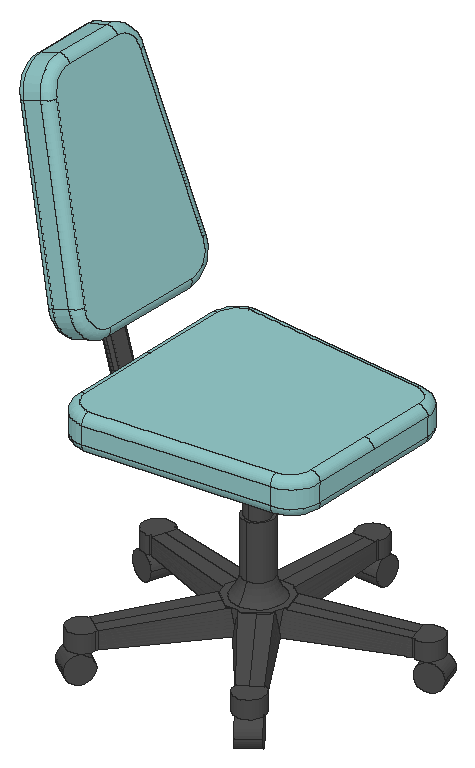
Revit family
Parameters (values of type "Chair - Desk (5)")
  Material Frame = Metal - Chrome
  Material Seat = Fabric - Green
  Manufacturer = "Revit"
  Keynote = "N"
  Assembly Code = "E2020200"
Reference planes
  plane 1 "Center (Front/Back)": y = 0
  plane 2: z = 0
  plane 3 "Center (Left/Right)": x = 0
  plane 4: z = 440
  plane 5: z = 340
  plane 6: z = 900
  plane 7: z = 90.965
  plane 8: z = 215.482
  plane 9: y = 45
  plane 10: y = 229.751
  plane 11: y = 233.825
  plane 12: through (-42.798, 13.906, 0) normal (0.9511, -0.309, 0)
  plane 13: through (-218.507, 70.997, 0) normal (0.9511, -0.309, 0)
  plane 14: through (-222.38, 72.256, -9.035) normal (0.9511, -0.309, 0)
  plane 15: through (-26.45, -36.406, 0) normal (0.5878, 0.809, 0)
  plane 16: through (-135.044, -185.873, 0) normal (0.5878, 0.809, 0)
  plane 17: through (-137.439, -189.168, -9.035) normal (0.5878, 0.809, 0)
  plane 18: through (26.45, -36.406, 0) normal (-0.5878, 0.809, 0)
  plane 19: through (135.044, -185.873, 0) normal (-0.5878, 0.809, 0)
  plane 20: through (137.439, -189.168, -9.035) normal (-0.5878, 0.809, 0)
  plane 21: through (42.798, 13.906, 0) normal (-0.9511, -0.309, 0)
  plane 22: through (218.507, 70.997, 0) normal (-0.9511, -0.309, 0)
  plane 23: through (222.38, 72.256, -9.035) normal (-0.9511, -0.309, 0)
  plane 24: x = -206.705
  plane 25 "t": through (-100.914, 0, -28.937) normal (0.9613, 0, 0.2756)
  plane 26: through (-266.368, 0, 928.937) normal (0.2756, 0, -0.9613)
  plane 27: through (-134.465, 0, 468.937) normal (0.2756, 0, -0.9613)
Forms (mm)
  Extrusion 1, solid, material "Metal - Chrome" <- "Material Frame"
    sketch origin (0, -234.191, 0) x (0, 1, 0) y (0, 0, 1)
      loop
        circle (488.942, 23) r 23
    from -19.791 to 19.791
  Blend 2, solid, material "Metal - Chrome" <- "Material Frame"
    base sketch origin (0, 100, -9.035) x (1, 0, 0) y (0, 0, -1)
      loop
        line (-32.382, -59.019) -> (-25.156, -100) -> (0, -100) -> (25.156, -100) -> (32.382, -59.019) -> (0, -59.019) -> (-32.382, -59.019)
    top sketch origin (0, 100, -9.035) x (1, 0, 0) y (0, 0, -1)
      loop
        line (-19.791, -59.019) -> (-19.791, -88.563) -> (0, -88.563) -> (19.791, -88.563) -> (19.791, -59.019) -> (0, -59.019) -> (-19.791, -59.019)
    from -65 to 129.751
  Extrusion 3, solid, material "Metal - Chrome" <- "Material Frame"
    sketch origin (0, 0, 330.965) x (0, -1, 0) y (-1, 0, 0)
      loop
        line (-50, 19.35) -> (-50, -19.35)
        arc (-50, -19.35) -> (-41.259, -29.976) -> (-33.854, -41.573) r 114.698
        line (-33.854, -41.573) -> (2.952, -53.532)
        arc (2.952, -53.532) -> (15.76, -48.503) -> (29.077, -45.044) r 114.698
        line (29.077, -45.044) -> (51.824, -13.735)
        arc (51.824, -13.735) -> (50.999, 0) -> (51.824, 13.735) r 114.698
        line (51.824, 13.735) -> (29.077, 45.044)
        arc (29.077, 45.044) -> (15.76, 48.503) -> (2.952, 53.532) r 114.698
        line (2.952, 53.532) -> (-33.854, 41.573)
        arc (-33.854, 41.573) -> (-41.259, 29.976) -> (-50, 19.35) r 114.698
    from 240 to 280.981
  Extrusion 4, solid, material "Metal - Chrome" <- "Material Frame"
    sketch origin (0, -235.927, 330.965) x (0, -1, 0) y (-1, 0, 0)
      loop
        arc (-469.751, 21.788) -> (-507.01, 0) -> (-469.751, -21.788) r 25
        line (-469.751, -21.788) -> (-469.751, -19.791) -> (-465.678, -19.791) -> (-465.678, 19.791) -> (-469.751, 19.791) -> (-469.751, 21.788)
    from 251.437 to 280.981
  Revolve 5, solid, material "Metal - Chrome" <- "Material Frame"
    sketch origin (0, 0, 0) x (0, 1, 0) y (0, 0, 1)
      loop
        line (0, 215.482) -> (-25, 215.482) -> (-25, 123.395)
        arc (-25, 123.395) -> (-30.374, 105.761) -> (-41.37, 90.965) r 53.967
        line (-41.37, 90.965) -> (0, 90.965) -> (0, 215.482)
      axis (0, 215.482) -> (0, 90.965)
    angle from 0 to 360
  Extrusion 6, solid, material "Metal - Chrome" <- "Material Frame"
    sketch origin (222.729, -72.369, 0) x (-0.951057, 0.309017, 0) y (0, 0, 1)
      loop
        circle (488.942, 23) r 23
    from -19.791 to 19.791
  Blend 7, solid, material "Metal - Chrome" <- "Material Frame"
    base sketch origin (-95.106, 30.902, -9.035) x (0.309017, 0.951057, 0) y (0, 0, -1)
      loop
        line (-32.382, -59.019) -> (-25.156, -100) -> (0, -100) -> (25.156, -100) -> (32.382, -59.019) -> (0, -59.019) -> (-32.382, -59.019)
    top sketch origin (-95.106, 30.902, -9.035) x (0.309017, 0.951057, 0) y (0, 0, -1)
      loop
        line (-19.791, -59.019) -> (-19.791, -88.563) -> (0, -88.563) -> (19.791, -88.563) -> (19.791, -59.019) -> (0, -59.019) -> (-19.791, -59.019)
    from -65 to 129.751
  Extrusion 8, solid, material "Metal - Chrome" <- "Material Frame"
    sketch origin (224.38, -72.905, 330.965) x (0.951057, -0.309017, 0) y (-0.309017, -0.951057, 0)
      loop
        arc (-469.751, 21.788) -> (-507.01, 0) -> (-469.751, -21.788) r 25
        line (-469.751, -21.788) -> (-469.751, -19.791) -> (-465.678, -19.791) -> (-465.678, 19.791) -> (-469.751, 19.791) -> (-469.751, 21.788)
    from 251.437 to 280.981
  Extrusion 9, solid, material "Metal - Chrome" <- "Material Frame"
    sketch origin (137.654, 189.465, 0) x (-0.587785, -0.809017, 0) y (0, 0, 1)
      loop
        circle (488.942, 23) r 23
    from -19.791 to 19.791
  Blend 10, solid, material "Metal - Chrome" <- "Material Frame"
    base sketch origin (-58.779, -80.902, -9.035) x (-0.809017, 0.587785, 0) y (0, 0, -1)
      loop
        line (-32.382, -59.019) -> (-25.156, -100) -> (0, -100) -> (25.156, -100) -> (32.382, -59.019) -> (0, -59.019) -> (-32.382, -59.019)
    top sketch origin (-58.779, -80.902, -9.035) x (-0.809017, 0.587785, 0) y (0, 0, -1)
      loop
        line (-19.791, -59.019) -> (-19.791, -88.563) -> (0, -88.563) -> (19.791, -88.563) -> (19.791, -59.019) -> (0, -59.019) -> (-19.791, -59.019)
    from -65 to 129.751
  Extrusion 11, solid, material "Metal - Chrome" <- "Material Frame"
    sketch origin (138.674, 190.869, 330.965) x (0.587785, 0.809017, 0) y (0.809017, -0.587785, 0)
      loop
        arc (-469.751, 21.788) -> (-507.01, 0) -> (-469.751, -21.788) r 25
        line (-469.751, -21.788) -> (-469.751, -19.791) -> (-465.678, -19.791) -> (-465.678, 19.791) -> (-469.751, 19.791) -> (-469.751, 21.788)
    from 251.437 to 280.981
  Extrusion 12, solid, material "Metal - Chrome" <- "Material Frame"
    sketch origin (-137.654, 189.465, 0) x (0.587785, -0.809017, 0) y (0, 0, 1)
      loop
        circle (488.942, 23) r 23
    from -19.791 to 19.791
  Blend 13, solid, material "Metal - Chrome" <- "Material Frame"
    base sketch origin (58.779, -80.902, -9.035) x (-0.809017, -0.587785, 0) y (0, 0, -1)
      loop
        line (-32.382, -59.019) -> (-25.156, -100) -> (0, -100) -> (25.156, -100) -> (32.382, -59.019) -> (0, -59.019) -> (-32.382, -59.019)
    top sketch origin (58.779, -80.902, -9.035) x (-0.809017, -0.587785, 0) y (0, 0, -1)
      loop
        line (-19.791, -59.019) -> (-19.791, -88.563) -> (0, -88.563) -> (19.791, -88.563) -> (19.791, -59.019) -> (0, -59.019) -> (-19.791, -59.019)
    from -65 to 129.751
  Extrusion 14, solid, material "Metal - Chrome" <- "Material Frame"
    sketch origin (-138.674, 190.869, 330.965) x (-0.587785, 0.809017, 0) y (0.809017, 0.587785, 0)
      loop
        arc (-469.751, 21.788) -> (-507.01, 0) -> (-469.751, -21.788) r 25
        line (-469.751, -21.788) -> (-469.751, -19.791) -> (-465.678, -19.791) -> (-465.678, 19.791) -> (-469.751, 19.791) -> (-469.751, 21.788)
    from 251.437 to 280.981
  Extrusion 15, solid, material "Metal - Chrome" <- "Material Frame"
    sketch origin (-222.729, -72.369, 0) x (0.951057, 0.309017, 0) y (0, 0, 1)
      loop
        circle (488.942, 23) r 23
    from -19.791 to 19.791
  Blend 16, solid, material "Metal - Chrome" <- "Material Frame"
    base sketch origin (95.106, 30.902, -9.035) x (0.309017, -0.951057, 0) y (0, 0, -1)
      loop
        line (-32.382, -59.019) -> (-25.156, -100) -> (0, -100) -> (25.156, -100) -> (32.382, -59.019) -> (0, -59.019) -> (-32.382, -59.019)
    top sketch origin (95.106, 30.902, -9.035) x (0.309017, -0.951057, 0) y (0, 0, -1)
      loop
        line (-19.791, -59.019) -> (-19.791, -88.563) -> (0, -88.563) -> (19.791, -88.563) -> (19.791, -59.019) -> (0, -59.019) -> (-19.791, -59.019)
    from -65 to 129.751
  Extrusion 17, solid, material "Metal - Chrome" <- "Material Frame"
    sketch origin (-224.38, -72.905, 330.965) x (-0.951057, -0.309017, 0) y (-0.309017, 0.951057, 0)
      loop
        arc (-469.751, 21.788) -> (-507.01, 0) -> (-469.751, -21.788) r 25
        line (-469.751, -21.788) -> (-469.751, -19.791) -> (-465.678, -19.791) -> (-465.678, 19.791) -> (-469.751, 19.791) -> (-469.751, 21.788)
    from 251.437 to 280.981
  Extrusion 18, solid, material "Fabric - Green" <- "Material Seat"
    sketch origin (-1080, 0, 400) x (0, -1, 0) y (-1, 0, 0)
      loop
        line (-172.774, -929.258) -> (-146.232, -1232.635)
        arc (-146.232, -1232.635) -> (-136.614, -1252.139) -> (-116.346, -1260.02) r 30
        line (-116.346, -1260.02) -> (0, -1260.02) -> (116.346, -1260.02)
        arc (116.346, -1260.02) -> (136.614, -1252.139) -> (146.232, -1232.635) r 30
        line (146.232, -1232.635) -> (172.774, -929.258)
        arc (172.774, -929.258) -> (163.726, -908.539) -> (142.784, -900.02) r 30
        line (142.784, -900.02) -> (0, -900.02) -> (-142.784, -900.02)
        arc (-142.784, -900.02) -> (-163.726, -908.539) -> (-172.774, -929.258) r 30
    from 0 to 60
  Sweep 19, solid, material "Fabric - Green" <- "Material Seat"
    path origin (-1080, 0, 400) x (0, -1, 0) y (1, 0, 0)
      loop
        arc (-192.784, 930.02) -> (-178.139, 894.665) -> (-142.784, 880.02) r 50
        line (-142.784, 880.02) -> (0, 880.02) -> (142.784, 880.02)
        arc (142.784, 880.02) -> (178.139, 894.665) -> (192.784, 930.02) r 50
        line (192.784, 930.02) -> (166.156, 1234.378)
        arc (166.156, 1234.378) -> (150.126, 1266.884) -> (116.346, 1280.02) r 50
        line (116.346, 1280.02) -> (0, 1280.02) -> (-116.346, 1280.02)
        arc (-116.346, 1280.02) -> (-150.126, 1266.884) -> (-166.156, 1234.378) r 50
        line (-166.156, 1234.378) -> (-192.784, 930.02)
    profile origin (0, 0, 0) x (-1, 0, 0) y (0, 0, 1)
      loop
        line (179.98, 400) -> (179.98, 340) -> (184.98, 340)
        arc (184.98, 340) -> (195.586, 344.393) -> (199.98, 355) r 15
        line (199.98, 355) -> (199.98, 385)
        arc (199.98, 385) -> (195.586, 395.607) -> (184.98, 400) r 15
        line (184.98, 400) -> (179.98, 400)
  Revolve 20, solid, material "Metal - Chrome" <- "Material Frame"
    sketch origin (0, 0, 0) x (0, 1, 0) y (0, 0, 1)
      loop
        line (-20, 215.482) -> (0, 215.482) -> (0, 340) -> (-40, 340) -> (-139.897, 340) -> (-139.897, 320.648) -> (-30.5, 309.15)
        arc (-30.5, 309.15) -> (-22.928, 304.1) -> (-20, 295.482) r 14.145
        line (-20, 295.482) -> (-20, 215.482)
      axis (0, 340) -> (0, 215.482)
    angle from 0 to 360
  Extrusion 21, solid, material "Fabric - Green" <- "Material Seat"
    sketch origin (-100.914, 0, -28.937) x (-0.275637, 0, 0.961262) y (0, -1, 0)
      loop
        line (845.789, 85.104) -> (556.146, 124.108)
        arc (556.146, 124.108) -> (528.563, 115.879) -> (516.477, 89.754) r 35
        line (516.477, 89.754) -> (514.811, -85.632)
        arc (514.811, -85.632) -> (526.398, -111.982) -> (553.82, -120.734) r 35
        line (553.82, -120.734) -> (844.151, -87.241)
        arc (844.151, -87.241) -> (866.158, -75.883) -> (875.139, -52.804) r 35
        line (875.139, -52.804) -> (876.116, 50.085)
        arc (876.116, 50.085) -> (867.576, 73.33) -> (845.789, 85.104) r 35
    from 0 to 60
  Sweep 22, solid, material "Fabric - Green" <- "Material Seat"
    path origin (-100.914, 0, -28.937) x (-0.275637, 0, 0.961262) y (0, -1, 0)
      loop
        line (875.139, -52.804) -> (876.116, 50.085)
        arc (876.116, 50.085) -> (867.576, 73.33) -> (845.789, 85.104) r 35
        line (845.789, 85.104) -> (556.146, 124.108)
        arc (556.146, 124.108) -> (528.563, 115.879) -> (516.477, 89.754) r 35
        line (516.477, 89.754) -> (514.811, -85.632)
        arc (514.811, -85.632) -> (526.398, -111.982) -> (553.82, -120.734) r 35
        line (553.82, -120.734) -> (844.151, -87.241)
        arc (844.151, -87.241) -> (866.158, -75.883) -> (875.139, -52.804) r 35
    profile origin (-0.018, -6.959, 0.064) x (0.275625, -0.009501, -0.961218) y (0.961262, 0, 0.275637)
      loop
        line (-875.601, -44.981) -> (-880.601, -44.981)
        arc (-880.601, -44.981) -> (-891.208, -49.374) -> (-895.601, -59.981) r 15
        line (-895.601, -59.981) -> (-895.601, -89.981)
        arc (-895.601, -89.981) -> (-889.876, -101.769) -> (-877.071, -104.559) r 15
        line (-877.071, -104.559) -> (-875.601, -104.981) -> (-875.601, -44.981)
  Sweep 23, solid, material "Metal - Chrome" <- "Material Frame"
    path origin (0, 0, 0) x (1, 0, 0) y (0, 0, 1)
      loop
        line (-139.897, 320.648) -> (-215.17, 320.648)
        arc (-215.17, 320.648) -> (-227.206, 324.675) -> (-234.395, 335.135) r 20
        line (-234.395, 335.135) -> (-306.161, 585.411)
        arc (-306.161, 585.411) -> (-304.458, 600.566) -> (-292.567, 610.114) r 20
    profile origin (-177.534, 0, 0) x (0, 0, -1) y (0, -1, 0)
      loop
        arc (-335.19, -15) -> (-333.726, -18.536) -> (-330.19, -20) r 5
        line (-330.19, -20) -> (-325.648, -20)
        arc (-325.648, -20) -> (-322.112, -18.536) -> (-320.648, -15) r 5
        line (-320.648, -15) -> (-320.648, 15)
        arc (-320.648, 15) -> (-322.112, 18.536) -> (-325.648, 20) r 5
        line (-325.648, 20) -> (-330.19, 20)
        arc (-330.19, 20) -> (-333.726, 18.536) -> (-335.19, 15) r 5
        line (-335.19, 15) -> (-335.19, -15)
  Extrusion 24, solid, material "Metal - Chrome" <- "Material Frame"
    sketch origin (-342.404, -50.085, 813.241) x (0.002619, 0.999955, -0.009133) y (0.275625, -0.009501, -0.961218)
      loop
        line (52.207, 258.61) -> (36.235, 258.659)
        arc (36.235, 258.659) -> (19.65, 252.433) -> (11.354, 236.782) r 25
        line (11.354, 236.782) -> (5.614, 191.19)
        arc (5.614, 191.19) -> (10.438, 175.485) -> (25.396, 168.691) r 20
        line (25.396, 168.691) -> (52.068, 168.61) -> (78.741, 168.61)
        arc (78.741, 168.61) -> (93.72, 175.357) -> (98.592, 191.047) r 20
        line (98.592, 191.047) -> (92.992, 236.656)
        arc (92.992, 236.656) -> (84.744, 252.333) -> (68.178, 258.61) r 25
        line (68.178, 258.61) -> (52.207, 258.61)
    from 0 to 8.083
Cuts and joins
  joined: Blend 2, Extrusion 3, Extrusion 4, Revolve 5, Blend 7, Extrusion 8, Blend 10, Extrusion 11, Blend 13, Extrusion 14, Blend 16, Extrusion 17
  joined: Extrusion 18, Sweep 19
  joined: Extrusion 21, Sweep 22
Lines and regions (mm)
  Masking region 1
    outline origin (0, 0, 0) x (1, 0, 0) y (0, 1, 0)
      loop
        line (-199.98, 142.784) -> (-199.98, 138.375)
        arc (-199.98, 138.375) -> (-205.26, 140.469) -> (-210.895, 141.182) r 22.626
        line (-210.895, 141.182) -> (-233.177, 141.182)
        arc (-233.177, 141.182) -> (-242.092, 140.415) -> (-250.645, 137.784) r 42.137
        line (-250.645, 137.784) -> (-327.341, 104.916)
        arc (-327.341, 104.916) -> (-332.74, 101.261) -> (-336.395, 95.862) r 17.238
        arc (-336.395, 95.862) -> (-342.375, 76.778) -> (-344.396, 56.881) r 98.962
        line (-344.396, 56.881) -> (-344.396, 0) -> (-344.396, -56.881)
        arc (-344.396, -56.881) -> (-342.375, -76.778) -> (-336.395, -95.862) r 98.962
        arc (-336.395, -95.862) -> (-332.74, -101.261) -> (-327.341, -104.916) r 17.238
        line (-327.341, -104.916) -> (-250.645, -137.784)
        arc (-250.645, -137.784) -> (-242.092, -140.415) -> (-233.177, -141.182) r 42.137
        line (-233.177, -141.182) -> (-210.895, -141.182)
        arc (-210.895, -141.182) -> (-205.26, -140.469) -> (-199.98, -138.375) r 22.626
        line (-199.98, -138.375) -> (-199.98, -142.784)
        arc (-199.98, -142.784) -> (-185.335, -178.139) -> (-149.98, -192.784) r 50
        line (-149.98, -192.784) -> (154.378, -166.156)
        arc (154.378, -166.156) -> (186.884, -150.126) -> (200.02, -116.346) r 50
        line (200.02, -116.346) -> (200.02, 0) -> (200.02, 116.346)
        arc (200.02, 116.346) -> (186.884, 150.126) -> (154.378, 166.156) r 50
        line (154.378, 166.156) -> (-149.98, 192.784)
        arc (-149.98, 192.784) -> (-185.335, 178.139) -> (-199.98, 142.784) r 50
  symbolic lines
    curve 1: line (-149.98, 192.784, 0) -> (154.378, 166.156, 0)
    curve 2: line (200.02, 116.346, 0) -> (200.02, 0, 0)
    curve 3: arc (-149.98, 192.784, 0) -> (-185.335, 178.139, 0) -> (-199.98, 142.784, 0) r 50
    curve 4: arc (154.378, 166.156, 0) -> (186.884, 150.126, 0) -> (200.02, 116.346, 0) r 50
    curve 5: line (-149.98, -192.784, 0) -> (154.378, -166.156, 0)
    curve 6: line (200.02, -116.346, 0) -> (200.02, 0, 0)
    curve 7: arc (-149.98, -192.784, 0) -> (-185.335, -178.139, 0) -> (-199.98, -142.784, 0) r 50
    curve 8: arc (154.378, -166.156, 0) -> (186.884, -150.126, 0) -> (200.02, -116.346, 0) r 50
    curve 9: arc (-21.788, 233.825, 0) -> (0, 271.083, 0) -> (21.788, 233.825, 0) r 25
    curve 10: line (-19.791, 277.751, 0) -> (-19.791, 261.359, 0)
    curve 11: line (19.791, 261.359, 0) -> (19.791, 277.751, 0)
    curve 12: line (-21.12, 181.51, 0) -> (-19.791, 229.751, 0)
    curve 13: line (21.222, 177.806, 0) -> (19.791, 229.751, 0)
    curve 14: line (-19.791, 277.751, 0) -> (19.791, 277.751, 0)
    curve 15: line (-21.788, 233.825, 0) -> (-19.791, 233.825, 0)
    curve 16: line (19.791, 233.825, 0) -> (21.788, 233.825, 0)
    curve 17: line (-19.791, 229.751, 0) -> (-19.791, 233.825, 0)
    curve 18: line (19.791, 229.751, 0) -> (19.791, 233.825, 0)
    curve 19: arc (215.648, 92.978, 0) -> (257.815, 83.769, 0) -> (229.113, 51.534, 0) r 25
    curve 20: line (258.042, 104.652, 0) -> (242.451, 99.586, 0)
    curve 21: line (254.682, 61.942, 0) -> (270.273, 67.008, 0)
    curve 22: line (200.02, 86.173, 0) -> (212.391, 89.819, 0)
    curve 23: line (200.02, 43.425, 0) -> (224.622, 52.175, 0)
    curve 24: line (258.042, 104.652, 0) -> (270.273, 67.008, 0)
    curve 25: line (215.648, 92.978, 0) -> (216.265, 91.078, 0)
    curve 26: line (228.496, 53.434, 0) -> (229.113, 51.534, 0)
    curve 27: line (212.391, 89.819, 0) -> (216.265, 91.078, 0)
    curve 28: line (224.622, 52.175, 0) -> (228.496, 53.434, 0)
    curve 29: arc (155.066, -176.361, 0) -> (159.339, -219.311, 0) -> (119.812, -201.975, 0) r 25
    curve 30: line (179.269, -213.073, 0) -> (169.634, -199.811, 0)
    curve 31: line (137.612, -223.076, 0) -> (147.247, -236.338, 0)
    curve 32: line (146.017, -166.888, 0) -> (151.055, -174.24, 0)
    curve 33: line (98.661, -171.031, 0) -> (119.034, -197.505, 0)
    curve 34: line (179.269, -213.073, 0) -> (147.247, -236.338, 0)
    curve 35: line (155.066, -176.361, 0) -> (153.45, -177.536, 0)
    curve 36: line (121.428, -200.801, 0) -> (119.812, -201.975, 0)
    curve 37: line (151.055, -174.24, 0) -> (153.45, -177.536, 0)
    curve 38: line (119.034, -197.505, 0) -> (121.428, -200.801, 0)
    curve 39: arc (-119.812, -201.975, 0) -> (-150.931, -223.282, 0) -> (-167.743, -189.522, 0) r 25
    curve 40: line (-147.247, -236.338, 0) -> (-137.612, -223.076, 0)
    curve 41: line (-169.634, -199.811, 0) -> (-179.269, -213.073, 0)
    curve 42: line (-112.904, -189.54, 0) -> (-119.034, -197.505, 0)
    curve 43: line (-147.247, -236.338, 0) -> (-179.269, -213.073, 0)
    curve 44: line (-119.812, -201.975, 0) -> (-121.428, -200.801, 0)
    curve 45: line (-119.034, -197.505, 0) -> (-121.428, -200.801, 0)
    curve 46: line (-199.98, 137.784, 0) -> (-199.98, 142.784, 0)
    curve 47: line (-199.98, -138.375, 0) -> (-199.98, -142.784, 0)
    curve 48: line (-344.396, 0, 0) -> (-344.396, 56.881, 0)
    curve 49: arc (-344.396, 56.881, 0) -> (-342.375, 76.778, 0) -> (-336.395, 95.862, 0) r 98.962
    curve 50: arc (-336.395, 95.862, 0) -> (-332.74, 101.261, 0) -> (-327.341, 104.916, 0) r 17.238
    curve 51: line (-327.341, 104.916, 0) -> (-250.645, 137.784, 0)
    curve 52: arc (-250.645, 137.784, 0) -> (-242.092, 140.415, 0) -> (-233.177, 141.182, 0) r 42.137
    curve 53: line (-233.177, 141.182, 0) -> (-210.895, 141.182, 0)
    curve 54: arc (-210.895, 141.182, 0) -> (-205.26, 140.469, 0) -> (-199.98, 138.375, 0) r 22.626
    curve 55: arc (-191.029, 129.386, 0) -> (-185.6, 115.559, 0) -> (-183.758, 100.818, 0) r 59.606
    curve 56: line (-183.758, 100.818, 0) -> (-183.758, 0, 0)
    curve 57: line (-344.396, 0, 0) -> (-344.396, -56.881, 0)
    curve 58: arc (-344.396, -56.881, 0) -> (-342.375, -76.778, 0) -> (-336.395, -95.862, 0) r 98.962
    curve 59: arc (-336.395, -95.862, 0) -> (-332.74, -101.261, 0) -> (-327.341, -104.916, 0) r 17.238
    curve 60: line (-327.341, -104.916, 0) -> (-250.645, -137.784, 0)
    curve 61: arc (-250.645, -137.784, 0) -> (-242.092, -140.415, 0) -> (-233.177, -141.182, 0) r 42.137
    curve 62: line (-233.177, -141.182, 0) -> (-210.895, -141.182, 0)
    curve 63: arc (-210.895, -141.182, 0) -> (-205.26, -140.469, 0) -> (-199.98, -138.375, 0) r 22.626
    curve 64: arc (-191.029, -129.386, 0) -> (-185.6, -115.559, 0) -> (-183.758, -100.818, 0) r 59.606
    curve 65: line (-183.758, -100.818, 0) -> (-183.758, 0, 0)
    curve 66: arc (-199.98, 138.375, 0) -> (-194.862, 134.52, 0) -> (-191.029, 129.386, 0) r 22.626
    curve 67: arc (-199.98, -138.375, 0) -> (-194.862, -134.52, 0) -> (-191.029, -129.386, 0) r 22.626
Dimensions and locks
  equal spacing: plane 5, plane 8, plane 7
  aligned and locked: Extrusion 21 sketch curve to Sweep 22  (x8)
  aligned: curve 46 to Masking region 1 sketch curve
